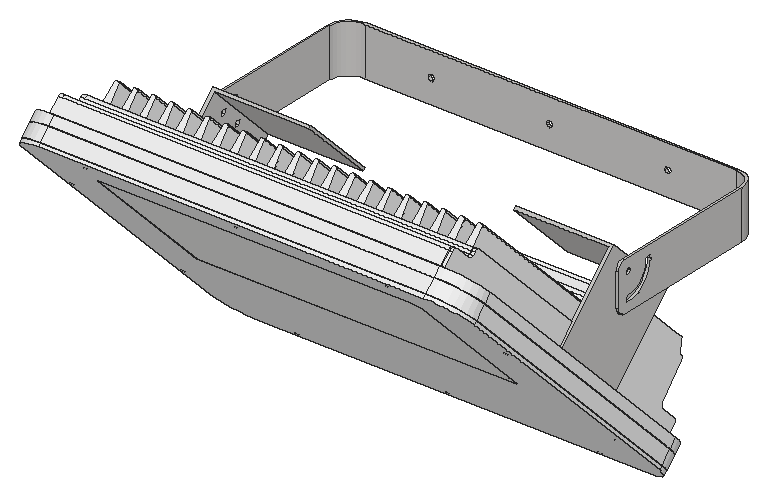
Revit family "FT ATEX LED MAX_2021", category Luminarias, Revit 2021 (continued)
Types (12, lengths in mm): name | Wattage | Power | Position | Archivo de red fotométrica | built-in parameter 1150142 | Modules | Lumens | built-in parameter 1150105 | built-in parameter 1150106 | Equiv MH
  PA204B | 90.2102 W | 97 W | 90.00° | "PA204B.ies" | "IESNA:LM-63-2002\r\n[TEST] LEDMAX 2020-1/Converted LDT Editor version 1.3.0.0 - DIAL GmbH (www.dial.de) on 05-10-2020\r\n[TESTLAB] ies2eulumdat.appspot.com\r\n[ISSUEDATE] 2020-10-06T06:28:54.003\r\n[MANUFAC] AIRFAL\r\n[LUMCAT] PA204B\r\n[LUMINAIRE] LED MAX 98W 14244lm ASIMÉTRICA\r\n[LAMPCAT] TRIDONIC LED MODULES\r\n[LAMP] TRIDONIC LED MODULES\r\nTILT=NONE\r\n1\t14244\t1\t91\t72\t1\t2\t0.223\t0.200\t0.003\r\n1.0\t1.0\t103.00\r\n0\t 2\t 4\t 6\t 8\t 10\t 12\t 14\t 16\t 18\r\n20\t 22\t 24\t 26\t 28\t 30\t 32\t 34\t 36\t 38\r\n40\t 42\t 44\t 46\t 48\t 50\t 52\t 54\t 56\t 58\r\n60\t 62\t 64\t 66\t 68\t 70\t 72\t 74\t 76\t 78\r\n80\t 82\t 84\t 86\t 88\t 90\t 92\t 94\t 96\t 98\r\n100\t 102\t 104\t 106\t 108\t 110\t 112\t 114\t 116\t 118\r\n120\t 122\t 124\t 126\t 128\t 130\t 132\t 134\t 136\t 138\r\n140\t 142\t 144\t 146\t 148\t 150\t 152\t 154\t 156\t 158\r\n160\t 162\t 164\t 166\t 168\t 170\t 172\t 174\t 176\t 178\r\n180\r\n0\t 5\t 10\t 15\t 20\t 25\t 30\t 35\t 40\t 45\r\n50\t 55\t 60\t 65\t 70\t 75\t 80\t 85\t 90\t 95\r\n100\t 105\t 110\t 115\t 120\t 125\t 130\t 135\t 140\t 145\r\n150\t 155\t 160\t 165\t 170\t 175\t 180\t 185\t 190\t 195\r\n200\t 205\t 210\t 215\t 220\t 225\t 230\t 235\t 240\t 245\r\n250\t 255\t 260\t 265\t 270\t 275\t 280\t 285\t 290\t 295\r\n300\t 305\t 310\t 315\t 320\t 325\t 330\t 335\t 340\t 345\r\n350\t 355\r\n2334.1643\t2420.6254\t2508.3684\t2604.2305\t2705.2205\t2810.0563\t2918.1683\t3018.5885\t3114.7355\t3203.1907\r\n3281.6752\t3354.6044\t3424.5425\t3491.3468\t3556.2995\t3621.1097\t3694.6087\t3770.3868\t3840.04\t3932.9108\r\n4063.2434\t4237.4476\t4452.6744\t4721.1738\t5022.5768\t5290.364\t5533.5091\t5752.7243\t6016.808\t6181.1838\r\n5536.7852\t4534.1501\t3077.8435\t1939.1782\t1271.5619\t857.3464\t624.3145\t472.9008\t333.452\t259.953\r\n206.8229\t162.6665\t131.1872\t109.5364\t91.0192\t73.9264\t0\t0\t0\t0\r\n0\t0\t0\t0\t0\t0\t0\t0\t0\t0\r\n0\t0\t0\t0\t0\t0\t0\t0\t0\t0\r\n0\t0\t0\t0\t0\t0\t0\t0\t0\t0\r\n0\t0\t0\t0\t0\t0\t0\t0\t0\t0\r\n0\r\n2329.8911\t2416.3522\t2503.0981\t2597.1085\t2697.3863\t2802.507\t2907.6277\t3008.9026\t3105.9042\t3197.2082\r\n3276.6898\t3350.1888\t3419.5571\t3486.5039\t3550.4594\t3614.1301\t3689.6233\t3764.1194\t3833.0604\t3921.0883\r\n4047.7175\t4210.6688\t4414.7854\t4669.753\t4970.8711\t5238.231\t5474.1116\t5678.2282\t5927.4982\t6108.5394\r\n5527.0993\t4503.8104\t3184.6735\t2010.3982\t1328.3954\t906.2033\t653.942\t494.979\t349.9751\t270.7784\r\n221.2093\t176.0558\t137.597\t112.5276\t92.7284\t74.2112\t0\t0\t0\t0\r\n0\t0\t0\t0\t0\t0\t0\t0\t0\t0\r\n0\t0\t0\t0\t0\t0\t0\t0\t0\t0\r\n0\t0\t0\t0\t0\t0\t0\t0\t0\t0\r\n0\t0\t0\t0\t0\t0\t0\t0\t0\t0\r\n0\r\n2330.3184\t2415.64\t2501.3888\t2593.8324\t2692.2584\t2794.2455\t2897.0872\t2997.6498\t3095.3636\t3185.1008\r\n3265.1521\t3338.0814\t3407.3072\t3471.975\t3533.9364\t3596.3251\t3669.5393\t3742.7534\t3811.6944\t3891.1759\r\n4005.1279\t4159.248\t4346.2717\t4579.7309\t4876.4334\t5137.0986\t5356.5986\t5566.4128\t5804.8573\t6052.5605\r\n5645.467\t4580.3006\t3412.8624\t2154.405\t1419.6995\t970.5862\t693.113\t526.0309\t379.8875\t289.8654\r\n238.4446\t192.294\t147.9952\t118.795\t98.9958\t80.0513\t0\t0\t0\t0\r\n0\t0\t0\t0\t0\t0\t0\t0\t0\t0\r\n0\t0\t0\t0\t0\t0\t0\t0\t0\t0\r\n0\t0\t0\t0\t0\t0\t0\t0\t0\t0\r\n0\t0\t0\t0\t0\t0\t0\t0\t0\t0\r\n0\r\n2326.3301\t2410.3697\t2492.4151\t2582.2948\t2676.8749\t2775.4434\t2873.4421\t2972.0106\t3067.5878\t3156.6128\r\n3236.5217\t3310.0207\t3378.3919\t3440.9231\t3502.3147\t3560.7151\t3628.9439\t3696.1756\t3759.2765\t3826.793\r\n3918.5244\t4051.4209\t4211.0962\t4411.2244\t4688.555\t4981.9814\t5234.67\t5455.3096\t5660.1383\t5931.2016\r\n5848.7288\t4819.4574\t3809.9851\t2485.2931\t1623.816\t1097.5002\t775.7282\t578.4488\t432.5903\t323.1964\r\n269.7814\t217.6483\t165.8002\t127.9111\t105.548\t88.4552\t0\t0\t0\t0\r\n0\t0\t0\t0\t0\t0\t0\t0\t0\t0\r\n0\t0\t0\t0\t0\t0\t0\t0\t0\t0\r\n0\t0\t0\t0\t0\t0\t0\t0\t0\t0\r\n0\t0\t0\t0\t0\t0\t0\t0\t0\t0\r\n0\r\n2328.6091\t2409.3726\t2489.8512\t2575.3152\t2666.3344\t2758.9204\t2855.3522\t2949.6475\t3042.2335\t3127.9824\r\n3206.7517\t3279.1112\t3345.061\t3406.0253\t3461.7193\t3515.4192\t3576.8108\t3635.9234\t3680.0798\t3732.0704\r\n3797.7353\t3905.7048\t4066.5196\t4274.0546\t4533.8652\t4835.9804\t5099.352\t5322.413\t5501.1752\t5748.736\r\n5925.9313\t5186.2404\t4111.673\t2901.3604\t1893.0276\t1263.4428\t881.846\t642.8317\t480.1652\t359.3761\r\n298.8391\t244.7119\t185.3144\t139.8761\t112.5276\t93.5831\t0\t0\t0\t0\r\n0\t0\t0\t0\t0\t0\t0\t0\t0\t0\r\n0\t0\t0\t0\t0\t0\t0\t0\t0\t0\r\n0\t0\t0\t0\t0\t0\t0\t0\t0\t0\r\n0\t0\t0\t0\t0\t0\t0\t0\t0\t0\r\n0\r\n2323.6237\t2401.396\t2477.0316\t2558.5073\t2643.8288\t2731.5719\t2820.312\t2909.0521\t2998.362\t3081.4045\r\n3156.7553\t3227.548\t3292.2157\t3349.1917\t3400.755\t3445.1963\t3492.7712\t3544.9043\t3574.8167\t3615.1272\r\n3680.792\t3782.9215\t3924.7918\t4100.1354\t4326.0452\t4612.6345\t4888.9681\t5125.4185\t5321.416\t5518.9802\r\n5828.9297\t5685.2077\t4564.2049\t3506.5879\t2383.7334\t1591.1972\t1082.4016\t768.7487\t560.9287\t411.2243\r\n330.7457\t265.793\t197.8492\t147.4254\t116.6584\t96.0046\t0\t0\t0\t0\r\n0\t0\t0\t0\t0\t0\t0\t0\t0\t0\r\n0\t0\t0\t0\t0\t0\t0\t0\t0\t0\r\n0\t0\t0\t0\t0\t0\t0\t0\t0\t0\r\n0\t0\t0\t0\t0\t0\t0\t0\t0\t0\r\n0\r\n2325.9028\t2399.1169\t2470.4794\t2545.2604\t2625.0268\t2705.9327\t2788.4054\t2872.1602\t2956.4846\t3034.6842\r\n3105.9042\t3171.8539\t3232.8182\t3284.2391\t3329.535\t3367.9938\t3405.7404\t3453.8851\t3483.5126\t3525.6749\r\n3573.5347\t3646.7489\t3759.2765\t3905.5624\t4094.2954\t4338.7224\t4626.1663\t4890.1076\t5124.8488\t5292.0733\r\n5530.8028\t5796.8807\t5199.7722\t4086.0338\t3066.3059\t2094.8651\t1420.9814\t978.4204\t694.8223\t497.9702\r\n379.1753\t296.1328\t216.9361\t160.5299\t125.0623\t100.5626\t0\t0\t0\t0\r\n0\t0\t0\t0\t0\t0\t0\t0\t0\t0\r\n0\t0\t0\t0\t0\t0\t0\t0\t0\t0\r\n0\t0\t0\t0\t0\t0\t0\t0\t0\t0\r\n0\t0\t0\t0\t0\t0\t0\t0\t0\t0\r\n0\r\n2323.3388\t2391.9949\t2458.5144\t2526.8856\t2598.6754\t2673.3139\t2748.3798\t2825.5823\t2900.5057\t2973.7199\r\n3041.9486\t3102.913\t3159.6041\t3208.7459\t3252.3325\t3287.6576\t3320.8462\t3370.985\t3395.0574\t3426.5366\r\n3460.01\t3506.0182\t3579.5172\t3690.9053\t3834.3424\t4034.1857\t4286.162\t4583.7192\t4860.3377\t5099.7793\r\n5261.0214\t5531.3725\t5655.8651\t4895.3779\t3892.7428\t2956.912\t2072.0747\t1416.9931\t986.397\t699.0955\r\n502.5283\t376.6114\t268.357\t192.294\t142.1551\t108.112\t0\t0\t0\t0\r\n0\t0\t0\t0\t0\t0\t0\t0\t0\t0\r\n0\t0\t0\t0\t0\t0\t0\t0\t0\t0\r\n0\t0\t0\t0\t0\t0\t0\t0\t0\t0\r\n0\t0\t0\t0\t0\t0\t0\t0\t0\t0\r\n0\r\n2323.9086\t2387.2944\t2447.4041\t2509.9352\t2574.603\t2640.98\t2708.2117\t2775.8707\t2842.6751\t2909.337\r\n2971.0135\t3029.129\t3082.544\t3128.4097\t3169.5749\t3204.1878\t3235.0973\t3275.6927\t3298.1982\t3321.5584\r\n3341.7848\t3370.4153\t3417.1356\t3494.623\t3611.7086\t3763.4072\t3974.9306\t4251.9764\t4565.9142\t4866.8899\r\n5104.0525\t5256.4633\t5518.5529\t5526.1022\t4781.5684\t3883.769\t3034.9691\t2194.4306\t1521.5441\t1060.6082\r\n749.9466\t536.8564\t371.9108\t262.0896\t187.3086\t136.8848\t0\t0\t0\t0\r\n0\t0\t0\t0\t0\t0\t0\t0\t0\t0\r\n0\t0\t0\t0\t0\t0\t0\t0\t0\t0\r\n0\t0\t0\t0\t0\t0\t0\t0\t0\t0\r\n0\t0\t0\t0\t0\t0\t0\t0\t0\t0\r\n0\r\n2321.9144\t2380.4573\t2435.724\t2489.2814\t2546.9696\t2603.6608\t2662.6309\t2721.3162\t2779.1468\t2837.1199\r\n2892.2442\t2945.2319\t2993.8039\t3037.3906\t3077.2738\t3111.8867\t3140.802\t3173.4208\t3193.2199\t3214.0162\r\n3234.8124\t3247.632\t3277.402\t3326.5438\t3405.3131\t3526.672\t3677.6584\t3895.4491\t4194.858\t4548.9638\r\n4898.5116\t5185.2433\t5362.866\t5557.8664\t5650.4524\t5071.0064\t4403.9599\t3679.795\t2632.5761\t1771.5263\r\n1220.141\t858.0586\t593.5475\t399.9715\t263.7989\t165.9426\t0\t0\t0\t0\r\n0\t0\t0\t0\t0\t0\t0\t0\t0\t0\r\n0\t0\t0\t0\t0\t0\t0\t0\t0\t0\r\n0\t0\t0\t0\t0\t0\t0\t0\t0\t0\r\n0\t0\t0\t0\t0\t0\t0\t0\t0\t0\r\n0\r\n2321.6296\t2374.4748\t2423.9015\t2470.4794\t2519.4787\t2568.3356\t2617.7623\t2664.91\t2716.7581\t2764.3331\r\n2811.0534\t2856.4918\t2899.5086\t2942.2406\t2979.9872\t3012.8909\t3039.5272\t3065.7361\t3099.6368\t3102.3432\r\n3127.2702\t3148.4938\t3171.8539\t3203.9029\t3252.6174\t3328.8228\t3457.4461\t3624.6707\t3873.2285\t4215.2269\r\n4632.1488\t5085.2504\t5478.9546\t5736.2012\t5924.6494\t5970.6575\t5543.3375\t4769.3185\t3549.7472\t2364.504\r\n1605.0139\t1092.5148\t728.5806\t470.3369\t297.4147\t188.0208\t0\t0\t0\t0\r\n0\t0\t0\t0\t0\t0\t0\t0\t0\t0\r\n0\t0\t0\t0\t0\t0\t0\t0\t0\t0\r\n0\t0\t0\t0\t0\t0\t0\t0\t0\t0\r\n0\t0\t0\t0\t0\t0\t0\t0\t0\t0\r\n0\r\n2319.7778\t2366.2133\t2409.0877\t2448.4012\t2487.1448\t2529.0222\t2568.6205\t2607.5066\t2649.0991\t2687.7004\r\n2724.7348\t2760.9145\t2797.9489\t2834.556\t2869.7387\t2901.5028\t2928.1391\t2950.2173\t2989.2458\t2999.644\r\n3019.4431\t3053.7712\t3071.861\t3095.6485\t3124.9912\t3186.9526\t3280.3932\t3428.3884\t3615.9818\t3900.0072\r\n4325.7604\t4851.7913\t5438.5016\t5941.7422\t6085.1792\t6092.7286\t5996.724\t5282.8147\t4007.5494\t2739.2636\r\n1803.0055\t1181.6822\t759.2052\t473.613\t287.159\t176.0558\t0\t0\t0\t0\r\n0\t0\t0\t0\t0\t0\t0\t0\t0\t0\r\n0\t0\t0\t0\t0\t0\t0\t0\t0\t0\r\n0\t0\t0\t0\t0\t0\t0\t0\t0\t0\r\n0\t0\t0\t0\t0\t0\t0\t0\t0\t0\r\n0\r\n2321.6296\t2361.6552\t2396.8379\t2429.1718\t2458.7993\t2492.1302\t2521.9002\t2552.2399\t2582.5796\t2614.4862\r\n2640.5527\t2668.3285\t2696.6741\t2726.0167\t2754.932\t2782.1381\t2808.4895\t2832.5618\t2863.4713\t2890.8198\r\n2924.863\t2952.2114\t2976.5687\t2994.0888\t3032.9749\t3094.9363\t3179.6881\t3302.0441\t3492.4864\t3717.3991\r\n4113.8096\t4608.7886\t5156.8978\t5667.9725\t5975.358\t6004.7006\t5602.4501\t4916.7439\t3780.9274\t2680.4359\r\n1763.977\t1101.4885\t672.7441\t406.3813\t245.9939\t155.9718\t0\t0\t0\t0\r\n0\t0\t0\t0\t0\t0\t0\t0\t0\t0\r\n0\t0\t0\t0\t0\t0\t0\t0\t0\t0\r\n0\t0\t0\t0\t0\t0\t0\t0\t0\t0\r\n0\t0\t0\t0\t0\t0\t0\t0\t0\t0\r\n0\r\n2318.7808\t2351.6844\t2379.7451\t2404.5296\t2426.8927\t2449.968\t2472.7584\t2494.8366\t2514.6358\t2535.7169\r\n2553.237\t2573.0362\t2591.8382\t2612.492\t2634.2854\t2655.7938\t2679.8662\t2701.9444\t2728.2958\t2773.1644\r\n2805.4982\t2832.8467\t2855.3522\t2889.5378\t2941.6709\t3012.1787\t3095.6485\t3212.1644\t3396.4818\t3634.499\r\n3964.3901\t4339.577\t4759.4902\t5129.6917\t5380.8134\t5398.1911\t4882.4159\t4132.4693\t3335.8024\t2454.9534\r\n1582.9357\t973.5774\t578.4488\t335.4462\t203.5468\t133.6087\t0\t0\t0\t0\r\n0\t0\t0\t0\t0\t0\t0\t0\t0\t0\r\n0\t0\t0\t0\t0\t0\t0\t0\t0\t0\r\n0\t0\t0\t0\t0\t0\t0\t0\t0\t0\r\n0\t0\t0\t0\t0\t0\t0\t0\t0\t0\r\n0\r\n2319.7778\t2344.8473\t2366.9255\t2385.3002\t2398.1198\t2413.9307\t2428.4596\t2441.4216\t2452.5319\t2462.5027\r\n2472.7584\t2484.296\t2495.1215\t2505.0923\t2520.1909\t2535.7169\t2554.0916\t2575.3152\t2602.3788\t2643.8288\r\n2671.6046\t2699.6653\t2726.5865\t2772.4522\t2835.1258\t2908.7672\t2999.7864\t3128.4097\t3294.2099\t3554.7326\r\n3804.2875\t4082.3304\t4365.9284\t4567.1962\t4624.5995\t4524.6066\t4043.1594\t3464.2832\t2868.1718\t2032.7612\r\n1328.9652\t794.5303\t438.2879\t250.6944\t168.7914\t128.9082\t0\t0\t0\t0\r\n0\t0\t0\t0\t0\t0\t0\t0\t0\t0\r\n0\t0\t0\t0\t0\t0\t0\t0\t0\t0\r\n0\t0\t0\t0\t0\t0\t0\t0\t0\t0\r\n0\t0\t0\t0\t0\t0\t0\t0\t0\t0\r\n0\r\n2317.3564\t2335.1614\t2350.6873\t2361.2279\t2367.9226\t2375.4719\t2383.7334\t2389.2886\t2391.2827\t2392.8496\r\n2395.1286\t2398.1198\t2401.1111\t2404.3872\t2410.797\t2419.6283\t2430.881\t2449.968\t2471.334\t2502.6708\r\n2529.0222\t2549.5336\t2577.8791\t2628.018\t2689.6945\t2761.6267\t2849.9395\t2973.5774\t3137.5259\t3362.866\r\n3555.0175\t3758.137\t3951.428\t4049.1419\t4000.8547\t3877.929\t3495.7625\t2967.3101\t2426.4654\t1725.803\r\n1113.7384\t658.6426\t364.504\t227.4767\t169.9309\t131.6146\t0\t0\t0\t0\r\n0\t0\t0\t0\t0\t0\t0\t0\t0\t0\r\n0\t0\t0\t0\t0\t0\t0\t0\t0\t0\r\n0\t0\t0\t0\t0\t0\t0\t0\t0\t0\r\n0\t0\t0\t0\t0\t0\t0\t0\t0\t0\r\n0\r\n2316.0744\t2327.612\t2335.8736\t2338.1526\t2339.1497\t2338.8648\t2339.4346\t2337.5828\t2332.3126\t2326.3301\r\n2321.9144\t2317.0715\t2313.368\t2309.807\t2310.8041\t2314.5076\t2321.3447\t2330.176\t2344.7048\t2369.2045\r\n2388.8612\t2399.2594\t2426.6078\t2471.0491\t2528.4524\t2590.8412\t2665.6222\t2776.7254\t2919.3078\t3092.7997\r\n3235.2397\t3376.2553\t3510.8611\t3555.3024\t3470.9779\t3318.5671\t3039.5272\t2548.9638\t1981.3404\t1443.0596\r\n982.1238\t625.8814\t356.1\t238.1597\t183.7476\t145.4312\t0\t0\t0\t0\r\n0\t0\t0\t0\t0\t0\t0\t0\t0\t0\r\n0\t0\t0\t0\t0\t0\t0\t0\t0\t0\r\n0\t0\t0\t0\t0\t0\t0\t0\t0\t0\r\n0\t0\t0\t0\t0\t0\t0\t0\t0\t0\r\n0\r\n2314.5076\t2318.7808\t2319.7778\t2316.0744\t2309.807\t2303.8246\t2296.9874\t2288.441\t2277.758\t2266.2204\r\n2255.1101\t2245.1393\t2235.026\t2229.7558\t2226.3372\t2228.0465\t2221.4942\t2219.0728\t2233.8865\t2251.4066\r\n2260.9501\t2263.2292\t2285.4498\t2315.3622\t2356.9547\t2406.8087\t2463.7847\t2539.9901\t2641.9771\t2765.4726\r\n2862.9016\t2945.3743\t3023.7163\t3050.7799\t2976.7111\t2810.7685\t2583.1494\t2236.5929\t1801.866\t1391.069\r\n1042.8032\t737.6968\t466.6334\t288.2986\t230.183\t177.3378\t0\t0\t0\t0\r\n0\t0\t0\t0\t0\t0\t0\t0\t0\t0\r\n0\t0\t0\t0\t0\t0\t0\t0\t0\t0\r\n0\t0\t0\t0\t0\t0\t0\t0\t0\t0\r\n0\t0\t0\t0\t0\t0\t0\t0\t0\t0\r\n0\r\n2333.3096\t2329.3213\t2322.0569\t2310.5192\t2295.9904\t2281.4615\t2268.2146\t2253.1159\t2235.3109\t2218.3606\r\n2200.2707\t2183.8901\t2168.9339\t2159.8177\t2152.8382\t2146.1435\t2127.4838\t2123.7804\t2133.6088\t2142.5825\r\n2137.5971\t2135.318\t2150.1318\t2171.6402\t2198.7038\t2229.7558\t2262.3745\t2308.81\t2373.1928\t2447.4041\r\n2498.3976\t2528.4524\t2544.5482\t2536.714\t2474.0404\t2331.3155\t2135.7454\t1917.6697\t1657.5743\t1389.7871\r\n1138.6654\t898.3691\t667.189\t464.9242\t294.5659\t197.2794\t0\t0\t0\t0\r\n0\t0\t0\t0\t0\t0\t0\t0\t0\t0\r\n0\t0\t0\t0\t0\t0\t0\t0\t0\t0\r\n0\t0\t0\t0\t0\t0\t0\t0\t0\t0\r\n0\t0\t0\t0\t0\t0\t0\t0\t0\t0\r\n0\r\n2336.8706\t2326.0452\t2311.8012\t2291.7172\t2271.918\t2251.4066\t2231.3226\t2210.9537\t2188.4482\t2166.37\r\n2142.8674\t2122.4984\t2107.3998\t2094.4378\t2083.6123\t2061.5341\t2040.0257\t2038.0315\t2043.5867\t2039.0286\r\n2021.5085\t2017.9475\t2024.4997\t2038.3164\t2051.5633\t2066.662\t2084.467\t2103.269\t2134.0361\t2167.9368\r\n2197.9916\t2194.0033\t2172.3524\t2147.5679\t2099.708\t1996.1542\t1857.9874\t1708.8527\t1542.7676\t1390.6417\r\n1218.8591\t1054.9106\t897.372\t706.7873\t437.0059\t267.5023\t0\t0\t0\t0\r\n0\t0\t0\t0\t0\t0\t0\t0\t0\t0\r\n0\t0\t0\t0\t0\t0\t0\t0\t0\t0\r\n0\t0\t0\t0\t0\t0\t0\t0\t0\t0\r\n0\t0\t0\t0\t0\t0\t0\t0\t0\t0\r\n0\r\n2344.1351\t2325.0481\t2303.2548\t2278.4702\t2251.6915\t2225.3401\t2199.7009\t2173.3495\t2146.2859\t2119.7921\r\n2094.1529\t2071.3625\t2054.2697\t2038.7437\t2016.9504\t1987.3229\t1968.0935\t1961.9686\t1960.2593\t1946.0153\r\n1923.3673\t1914.9634\t1913.6814\t1916.3878\t1915.6756\t1917.1\t1919.379\t1921.3732\t1924.222\t1929.6347\r\n1943.024\t1939.1782\t1912.3994\t1875.2226\t1839.6126\t1781.0698\t1692.757\t1587.6362\t1479.097\t1395.0574\r\n1292.3581\t1150.3454\t1002.4927\t808.6319\t424.0439\t251.6915\t0\t0\t0\t0\r\n0\t0\t0\t0\t0\t0\t0\t0\t0\t0\r\n0\t0\t0\t0\t0\t0\t0\t0\t0\t0\r\n0\t0\t0\t0\t0\t0\t0\t0\t0\t0\r\n0\t0\t0\t0\t0\t0\t0\t0\t0\t0\r\n0\r\n2342.1409\t2316.3593\t2288.441\t2257.674\t2224.0582\t2192.1516\t2161.0997\t2130.4751\t2099.1383\t2071.0776\r\n2043.0169\t2018.9446\t1998.5756\t1976.7823\t1942.1694\t1910.1204\t1889.3242\t1881.3475\t1870.2372\t1847.1619\r\n1823.3744\t1812.1217\t1805.8543\t1800.8689\t1791.7528\t1776.7966\t1764.6892\t1751.8696\t1739.1924\t1727.085\r\n1726.3728\t1731.7855\t1718.2537\t1684.2106\t1650.1674\t1607.7203\t1554.5902\t1491.2044\t1438.5016\t1401.3247\r\n1330.1047\t1167.4382\t948.3655\t739.406\t404.9569\t215.6542\t0\t0\t0\t0\r\n0\t0\t0\t0\t0\t0\t0\t0\t0\t0\r\n0\t0\t0\t0\t0\t0\t0\t0\t0\t0\r\n0\t0\t0\t0\t0\t0\t0\t0\t0\t0\r\n0\t0\t0\t0\t0\t0\t0\t0\t0\t0\r\n0\r\n2343.8502\t2311.3739\t2277.9005\t2240.8661\t2201.6951\t2164.9456\t2129.3356\t2094.7226\t2060.537\t2028.9154\r\n1999.1454\t1969.8028\t1948.7216\t1914.3936\t1874.0831\t1839.6126\t1815.1129\t1802.2933\t1784.061\t1753.7213\r\n1727.3699\t1715.12\t1703.7248\t1688.9111\t1677.231\t1659.8533\t1638.6298\t1617.2638\t1596.7524\t1576.6684\r\n1560.5726\t1564.561\t1560.1453\t1544.7618\t1516.986\t1487.6434\t1461.292\t1430.6674\t1412.7199\t1375.1158\r\n1289.3669\t1133.3951\t919.0229\t577.1669\t282.3161\t136.6\t0\t0\t0\t0\r\n0\t0\t0\t0\t0\t0\t0\t0\t0\t0\r\n0\t0\t0\t0\t0\t0\t0\t0\t0\t0\r\n0\t0\t0\t0\t0\t0\t0\t0\t0\t0\r\n0\t0\t0\t0\t0\t0\t0\t0\t0\t0\r\n0\r\n2344.7048\t2305.249\t2265.6506\t2223.4884\t2177.6227\t2136.7424\t2097.9988\t2060.8219\t2023.2178\t1989.1746\r\n1955.9861\t1926.2161\t1895.0218\t1851.4351\t1806.2816\t1768.2502\t1738.1953\t1722.8118\t1693.4692\t1659.1411\r\n1634.0717\t1616.9789\t1601.7378\t1585.6421\t1570.1161\t1554.875\t1534.791\t1510.4338\t1487.0736\t1461.5768\r\n1445.766\t1438.2167\t1447.7602\t1451.0363\t1444.7689\t1437.2196\t1423.4029\t1406.595\t1371.8396\t1295.7767\r\n1182.6793\t1025.2831\t802.9343\t444.8401\t177.4802\t108.8242\t0\t0\t0\t0\r\n0\t0\t0\t0\t0\t0\t0\t0\t0\t0\r\n0\t0\t0\t0\t0\t0\t0\t0\t0\t0\r\n0\t0\t0\t0\t0\t0\t0\t0\t0\t0\r\n0\t0\t0\t0\t0\t0\t0\t0\t0\t0\r\n0\r\n2344.42\t2298.8392\t2254.3979\t2208.2473\t2158.3933\t2113.6672\t2071.0776\t2029.77\t1989.1746\t1952.2826\r\n1916.6726\t1884.0539\t1841.4643\t1792.3225\t1741.329\t1698.0272\t1662.4172\t1640.9088\t1605.4412\t1567.4098\r\n1544.0496\t1525.9597\t1511.146\t1494.6229\t1478.3848\t1460.5798\t1438.9289\t1416.1385\t1397.9062\t1383.5197\r\n1372.267\t1366.9967\t1371.2699\t1385.3714\t1410.7258\t1429.5278\t1429.9552\t1405.5979\t1331.3867\t1209.3156\r\n1052.3467\t870.3084\t571.1844\t259.5257\t132.1843\t100.99\t0\t0\t0\t0\r\n0\t0\t0\t0\t0\t0\t0\t0\t0\t0\r\n0\t0\t0\t0\t0\t0\t0\t0\t0\t0\r\n0\t0\t0\t0\t0\t0\t0\t0\t0\t0\r\n0\t0\t0\t0\t0\t0\t0\t0\t0\t0\r\n0\r\n2343.4229\t2292.7142\t2243.5724\t2191.4394\t2138.3093\t2089.1675\t2041.735\t1995.1571\t1953.707\t1914.3936\r\n1876.2197\t1836.4789\t1783.4912\t1727.7972\t1675.3793\t1626.5224\t1587.6362\t1561.5697\t1520.9743\t1482.9428\r\n1459.2978\t1441.0655\t1424.9698\t1410.4409\t1391.3539\t1371.9821\t1356.741\t1345.4882\t1326.971\t1306.6021\r\n1300.6196\t1300.9045\t1315.4334\t1348.7644\t1402.3218\t1437.7894\t1453.0304\t1407.5921\t1297.0586\t1128.1248\r\n943.2377\t666.9041\t346.5565\t187.7359\t127.3414\t104.1236\t0\t0\t0\t0\r\n0\t0\t0\t0\t0\t0\t0\t0\t0\t0\r\n0\t0\t0\t0\t0\t0\t0\t0\t0\t0\r\n0\t0\t0\t0\t0\t0\t0\t0\t0\t0\r\n0\t0\t0\t0\t0\t0\t0\t0\t0\t0\r\n0\r\n2345.1322\t2288.0137\t2234.029\t2177.9076\t2122.0711\t2067.8015\t2015.3836\t1966.5266\t1923.2249\t1879.3534\r\n1838.6155\t1789.3313\t1728.6518\t1669.1119\t1612.9906\t1560.2878\t1516.2738\t1487.0736\t1444.484\t1406.1677\r\n1382.5226\t1364.2903\t1347.7673\t1332.3838\t1320.4188\t1308.8812\t1295.6342\t1279.8234\t1262.7306\t1248.4866\r\n1250.6232\t1265.0096\t1287.2303\t1338.5087\t1387.0807\t1433.9435\t1432.2342\t1357.0259\t1220.5684\t1030.5534\r\n827.7188\t543.4086\t282.0312\t173.4919\t131.1872\t106.83\t0\t0\t0\t0\r\n0\t0\t0\t0\t0\t0\t0\t0\t0\t0\r\n0\t0\t0\t0\t0\t0\t0\t0\t0\t0\r\n0\t0\t0\t0\t0\t0\t0\t0\t0\t0\r\n0\t0\t0\t0\t0
